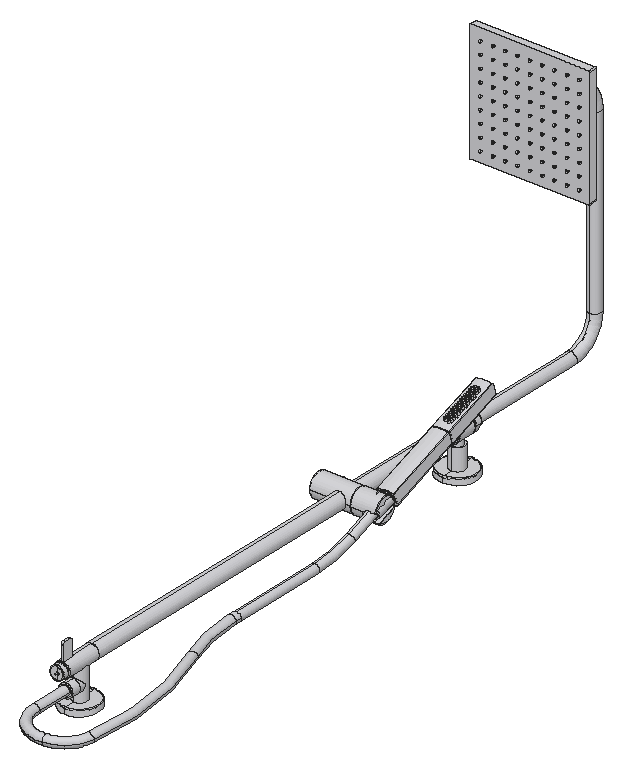
Revit family "Shower-Shower_Column_Kit-KOHLER-ANGULAR-K-76633T_1", category Plumbing Fixtures, host Face, Revit 2017 (continued)
Definition of nested family "K-76633T"
  Automatic sketch dimensions
    curve 284 to plane 9 "2" = 0"
    curve 35 to plane 3 "Center (Left/Right)" = 0"
    plane 1 "Center (Front/Back)" to curve 81 = 0"
    curve 47 to plane 3 "Center (Left/Right)" = 0"
    curve 57 to plane 3 "Center (Left/Right)" = 0"
    curve 80 to plane 15 = 0"
    curve 12 to plane 15 = 0"
    curve 366 to plane 15 = 0"
    curve 14 to plane 4 = 0"
    curve 14 to plane 5 = 0"
    curve 13 to plane 4 = 0"
    curve 13 to plane 5 = 0"
    curve 8 to plane 3 "Center (Left/Right)" = 0"
    curve 82 to plane 3 "Center (Left/Right)" = 0"
    plane 3 "Center (Left/Right)" to curve 120 = 0.05512"
    plane 25 to curve 120 = 0.14764"
    curve 106 to curve 103 = 0.02362"
    curve 121 to plane 3 "Center (Left/Right)" = 0.07874"
    curve 121 to plane 25 = 0.45866"
    curve 92 to plane 24 = 0.30512"
    curve 91 to curve 95 = 0.03937"
    curve 78 to plane 21 = 0.14762"
    curve 75 to curve 74 = 0.02511"
    curve 73 to curve 77 = 0.0315"
    curve 352 to plane 20 = 0.25871"
    curve 70 to plane 20 = 0.20423"
    curve 70 to curve 68 = 0.0315"
    curve 359 to plane 20 = 0.15211"
    plane 27 to curve 360 = 0.03948"
    curve 352 to curve 360 = 0.10698"
    curve 65 to curve 69 = 0.02511"
    curve 359 to plane 23 = 0.25575"
    plane 1 "Center (Front/Back)" to curve 359 = 3.91101"
    curve 136 to curve 358 = 0.05074"
    plane 27 to curve 361 = 0.04717"
    curve 131 to curve 361 = 0.00098"
    curve 138 to plane 23 = 0.23112"
    curve 131 to curve 138 = 0.01002"
    plane 27 to curve 142 = 0.064"
    curve 361 to curve 142 = 0.00905"
    plane 27 to curve 142 = 0.07309"
    curve 139 to curve 142 = 0.08542"
    curve 138 to plane 23 = 0.22203"
    curve 134 to curve 138 = 0.08542"
    plane 9 "2" to curve 347 = 0.11145"
    curve 135 to curve 347 = 0.39593"
    curve 347 to curve 348 = 0"
    curve 347 to curve 345 = 0.09637"
    curve 348 to curve 346 = 0.09637"
    curve 347 to curve 344 = 0.09637"
    curve 344 to curve 325 = 0.08861"
    curve 346 to curve 328 = 0.08861"
    curve 325 to curve 323 = 0.09637"
    curve 328 to curve 327 = 0.09637"
    curve 325 to curve 324 = 0.09637"
    curve 143 to plane 9 "2" = 0.00139"
    curve 324 to curve 143 = 0.07251"
    curve 143 to curve 322 = 0.02436"
    curve 143 to curve 326 = 0.02436"
    curve 322 to curve 341 = 0.08811"
    curve 326 to curve 343 = 0.08811"
    curve 143 to curve 342 = 0.11247"
    curve 343 to curve 321 = 0.08861"
    curve 341 to curve 318 = 0.08861"
    curve 318 to curve 317 = 0.09637"
    curve 318 to curve 316 = 0.09637"
    curve 321 to curve 320 = 0.09637"
    curve 320 to curve 319 = 0.09687"
    curve 316 to curve 315 = 0.09687"
    curve 315 to curve 339 = 0.08811"
    curve 315 to curve 338 = 0.08811"
    curve 319 to curve 340 = 0.08811"
    curve 338 to curve 311 = 0.08861"
    curve 340 to curve 314 = 0.08861"
    curve 311 to curve 309 = 0.09637"
    curve 314 to curve 313 = 0.09637"
    curve 311 to curve 310 = 0.09637"
    curve 309 to curve 308 = 0.09687"
    curve 313 to curve 312 = 0.09687"
    curve 308 to curve 335 = 0.08811"
    curve 308 to curve 336 = 0.08811"
    curve 312 to curve 337 = 0.08811"
    curve 337 to curve 307 = 0.08861"
    curve 335 to curve 304 = 0.08861"
    curve 304 to curve 302 = 0.09637"
    curve 307 to curve 306 = 0.09637"
    curve 304 to curve 303 = 0.09637"
    curve 306 to curve 305 = 0.09687"
    curve 302 to curve 301 = 0.09687"
    curve 305 to curve 334 = 0.08811"
    curve 301 to curve 333 = 0.08811"
    curve 301 to curve 332 = 0.08811"
    curve 332 to curve 297 = 0.08861"
    curve 334 to curve 300 = 0.08861"
    curve 297 to curve 295 = 0.09637"
    curve 297 to curve 296 = 0.09637"
    curve 300 to curve 299 = 0.09637"
    curve 295 to curve 294 = 0.09687"
    curve 299 to curve 298 = 0.09687"
    curve 294 to curve 330 = 0.08811"
    curve 298 to curve 331 = 0.08811"
    curve 294 to curve 329 = 0.08811"
    curve 329 to curve 291 = 0.08861"
    curve 331 to curve 293 = 0.08861"
    curve 291 to curve 289 = 0.09637"
    curve 291 to curve 290 = 0.09637"
    curve 293 to curve 292 = 0.09637"
    curve 289 to curve 285 = 0.08861"
    curve 292 to curve 288 = 0.08861"
    curve 285 to curve 283 = 0.09637"
    curve 288 to curve 287 = 0.09637"
    curve 285 to curve 284 = 0.09637"
    curve 287 to curve 286 = 0.09687"
    curve 283 to curve 282 = 0.09687"
    plane 1 "Center (Front/Back)" to curve 35 = 0.62008"
    curve 35 to curve 39 = 0.02362"
    curve 50 to curve 53 = 0.02362"
    plane 1 "Center (Front/Back)" to curve 129 = 0.39614"
    plane 27 to curve 129 = 0.0455"
    plane 1 "Center (Front/Back)" to curve 129 = 0.39576"
    curve 147 to curve 147 = 0.02758"
    curve 145 to curve 145 = 0.03441"
    curve 145 to curve 130 = 0.02447"
    plane 27 to curve 130 = 0.04099"
    curve 147 to curve 130 = 0.0313"
    curve 144 to curve 358 = 0.01963"
    curve 125 to curve 144 = 0.01261"
    curve 146 to curve 146 = 0.0321"
    curve 53 to plane 1 "Center (Front/Back)" = 0.59636"
    curve 39 to plane 1 "Center (Front/Back)" = 0.59636"
    curve 56 to curve 52 = 0.02362"
    curve 42 to curve 37 = 0.02362"
    curve 37 to curve 47 = 0.0001"
    curve 37 to curve 59 = 0.06324"
    curve 54 to curve 59 = 0"
    curve 45 to curve 43 = 0.02192"
    curve 41 to curve 34 = 0.02362"
    curve 54 to curve 48 = 0.02362"
    curve 43 to curve 43 = 0.42826"
    curve 44 to curve 57 = 0.02227"
    curve 365 to plane 15 = 0.05268"
    curve 20 to plane 3 "Center (Left/Right)" = 0.243"
    plane 15 to curve 20 = 1.29868"
    plane 3 "Center (Left/Right)" to curve 25 = 0.243"
    curve 20 to curve 25 = 0"
    curve 25 to curve 27 = 0.13592"
    curve 20 to curve 21 = 0.02904"
    curve 26 to curve 29 = 0.11141"
    plane 3 "Center (Left/Right)" to curve 23 = 0.37521"
    curve 24 to curve 23 = 0.02933"
    curve 19 to curve 32 = 0.08677"
    curve 6 to plane 3 "Center (Left/Right)" = 0.18881"
    curve 7 to curve 6 = 0.46417"
    curve 352 to plane 27 = 0.03635"
    curve 353 to curve 352 = 0.08371"
    curve 340 to plane 9 "2" = 0.21359"
    curve 299 to plane 9 "2" = 0.21359"
    curve 287 to plane 9 "2" = 0.21359"
    curve 337 to plane 9 "2" = 0.21359"
    curve 346 to plane 9 "2" = 0.21359"
    curve 343 to plane 9 "2" = 0.21359"
    curve 306 to curve 337 = 0"
    curve 334 to curve 306 = 0"
    curve 313 to curve 337 = 0"
    curve 320 to curve 340 = 0"
    curve 331 to curve 299 = 0"
    curve 327 to curve 343 = 0"
    curve 292 to curve 287 = 0"
    curve 307 to plane 9 "2" = 0.11145"
    curve 348 to plane 9 "2" = 0.11145"
    curve 314 to plane 9 "2" = 0.11145"
    curve 300 to plane 9 "2" = 0.11145"
    curve 288 to plane 9 "2" = 0.11145"
    curve 321 to plane 9 "2" = 0.11145"
    curve 293 to plane 9 "2" = 0.11145"
    curve 328 to plane 9 "2" = 0.11145"
    curve 286 to plane 9 "2" = 0.10991"
    curve 305 to plane 9 "2" = 0.10991"
    curve 319 to plane 9 "2" = 0.10991"
    curve 326 to plane 9 "2" = 0.10991"
    curve 298 to plane 9 "2" = 0.10991"
    curve 312 to plane 9 "2" = 0.10991"
    plane 9 "2" to curve 301 = 0.10991"
    plane 9 "2" to curve 294 = 0.10991"
    plane 9 "2" to curve 315 = 0.10991"
    plane 9 "2" to curve 282 = 0.10991"
    plane 9 "2" to curve 308 = 0.10991"
    plane 9 "2" to curve 322 = 0.10991"
    plane 9 "2" to curve 285 = 0.11145"
    plane 9 "2" to curve 325 = 0.11145"
    plane 9 "2" to curve 291 = 0.11145"
    plane 9 "2" to curve 297 = 0.11145"
    plane 9 "2" to curve 304 = 0.11145"
    plane 9 "2" to curve 318 = 0.11145"
    plane 9 "2" to curve 311 = 0.11145"
    curve 311 to curve 338 = 0.10215"
    curve 304 to curve 335 = 0.10215"
    curve 297 to curve 332 = 0.10215"
    curve 291 to curve 329 = 0.10215"
    curve 325 to curve 323 = 0.10215"
    curve 325 to curve 344 = 0.10215"
    curve 285 to curve 283 = 0.10215"
    curve 318 to curve 316 = 0.10215"
    curve 311 to curve 309 = 0.10215"
    curve 304 to curve 302 = 0.10215"
    curve 285 to curve 289 = 0.10215"
    curve 297 to curve 295 = 0.10215"
    curve 318 to curve 341 = 0.10215"
    curve 145 to plane 23 = 0.25721"
    curve 145 to curve 358 = 0.00145"
    curve 124 to curve 130 = 0.00149"
    curve 145 to curve 129 = 0.00741"
    plane 23 to curve 53 = 0.59054"
    curve 48 to curve 56 = 0.02362"
    curve 52 to curve 52 = 0.07482"
    plane 3 "Center (Left/Right)" to curve 97 = 0.49213"
    curve 99 to curve 96 = 0"
    curve 26 to curve 24 = 0.01883"
    curve 99 to curve 101 = 0.14374"
    plane 3 "Center (Left/Right)" to curve 365 = 0.07244"
    curve 364 to plane 3 "Center (Left/Right)" = 0.0749"
    curve 101 to plane 3 "Center (Left/Right)" = 0.34839"
    curve 20 to curve 17 = 0.11168"
    curve 43 to plane 3 "Center (Left/Right)" = 0.36895"
    curve 17 to curve 30 = 0.02054"
    curve 93 to curve 95 = 0.14374"
    curve 92 to curve 94 = 0"
    curve 45 to curve 40 = 0.18224"
    plane 22 to curve 36 = 0.61416"
    curve 37 to curve 41 = 0.07482"
    curve 117 to plane 19 = 0.0315"
    plane 25 to curve 118 = 0.28699"
    curve 118 to curve 89 = 0.02124"
    curve 89 to curve 90 = 0.0541"
    curve 90 to curve 88 = 0.0315"
    curve 96 to plane 25 = 0.10182"
    curve 91 to plane 25 = 0.10182"
    curve 91 to curve 114 = 0.0344"
    curve 96 to curve 115 = 0.0344"
    curve 112 to curve 113 = 0.02062"
    curve 114 to curve 95 = 0.0344"
    curve 115 to curve 100 = 0.0344"
    curve 74 to curve 77 = 0.0315"
    curve 74 to curve 75 = 0"
    plane 21 to curve 78 = 0.0315"
    curve 73 to curve 76 = 0.0315"
    curve 86 to plane 21 = 0.02277"
    curve 351 to curve 351 = 0.13174"
    curve 353 to plane 27 = 0.01394"
    curve 353 to curve 353 = 0.02429"
    curve 353 to curve 353 = 0.00074"
    curve 353 to curve 86 = 0.00308"
    curve 351 to curve 349 = 0.14054"
    curve 349 to curve 355 = 0.00678"
    curve 350 to plane 27 = 0.05959"
    curve 350 to curve 356 = 0.00684"
    curve 349 to curve 357 = 0.00198"
    curve 359 to curve 355 = 0.01002"
    curve 357 to curve 355 = 0.01532"
    curve 350 to plane 20 = 0.09506"
    curve 349 to curve 350 = 0"
    curve 123 to plane 20 = 0.05209"
    curve 357 to plane 9 "2" = 0.01421"
    curve 357 to plane 20 = 0.04843"
    curve 351 to curve 357 = 0"
    curve 354 to plane 20 = 0.00593"
    plane 20 to curve 351 = 0.00967"
    plane 20 to curve 69 = 0.0315"
    curve 70 to curve 65 = 0.0315"
    curve 68 to curve 69 = 0"
    curve 72 to curve 65 = 0"
    curve 83 to plane 22 = 0.02954"
    plane 20 to curve 83 = 0.16306"
    plane 20 to curve 123 = 0.1811"
    curve 356 to plane 5 = 0.41885"
    curve 360 to curve 133 = 0.05134"
    curve 360 to curve 141 = 0.00059"
    curve 141 to curve 141 = 0.00905"
    curve 359 to curve 136 = 0.01002"
    curve 137 to curve 136 = 0.01052"
    curve 360 to curve 141 = 0.01013"
    plane 9 "2" to curve 143 = 0.16241"
    curve 136 to curve 143 = 0.02526"
    curve 141 to curve 143 = 0.02529"
    curve 143 to curve 132 = 0.00041"
    curve 143 to curve 132 = 0.00038"
    curve 139 to curve 139 = 0.00954"
    curve 131 to curve 134 = 0.01052"
    plane 9 "2" to curve 132 = 0.00245"
    curve 143 to curve 132 = 0.11158"
    curve 278 to curve 348 = 0.0528"
    curve 277 to curve 347 = 0.0528"
    curve 347 to curve 277 = 0.00269"
    curve 348 to curve 278 = 0.00269"
    curve 280 to curve 346 = 0.05669"
    curve 272 to curve 344 = 0.05669"
    curve 274 to curve 345 = 0.0525"
    curve 276 to curve 273 = 0.03698"
    curve 281 to curve 346 = 0.00119"
    curve 345 to curve 274 = 0.00299"
    curve 266 to curve 325 = 0.0528"
    curve 268 to curve 328 = 0.0528"
    curve 274 to curve 267 = 0.03282"
    curve 328 to curve 269 = 0.00269"
    curve 262 to curve 327 = 0.05669"
    curve 265 to curve 323 = 0.05669"
    curve 261 to curve 324 = 0.0525"
    plane 9 "2" to curve 137 = 0.00245"
    curve 261 to curve 137 = 0.01385"
    curve 264 to curve 323 = 0.00119"
    curve 262 to curve 327 = 0.00119"
    curve 324 to curve 261 = 0.00299"
    plane 9 "2" to curve 133 = 0.00245"
    curve 260 to curve 133 = 0.0091"
    curve 131 to curve 133 = 0"  (x2)
    curve 264 to curve 270 = 0.03701"
    curve 260 to curve 258 = 0.03282"
    curve 270 to curve 322 = 0.00556"
    curve 262 to curve 259 = 0.03701"
    curve 256 to curve 341 = 0.05669"
    curve 254 to curve 343 = 0.05669"
    curve 252 to curve 342 = 0.0525"
    curve 270 to curve 256 = 0.03698"
    curve 254 to curve 343 = 0.00119"
    curve 342 to curve 252 = 0.00299"
    curve 249 to curve 321 = 0.0528"
    curve 247 to curve 318 = 0.0528"
    curve 318 to curve 247 = 0.00269"
    curve 321 to curve 248 = 0.00269"
    curve 242 to curve 320 = 0.05669"
    curve 244 to curve 316 = 0.05669"
    curve 240 to curve 317 = 0.0525"
    curve 242 to curve 320 = 0.00119"
    curve 247 to curve 244 = 0.03698"
    curve 317 to curve 241 = 0.00299"
    curve 244 to curve 250 = 0.03701"
    curve 240 to curve 239 = 0.03282"
    curve 243 to curve 239 = 0.03701"
    curve 240 to curve 251 = 0.03282"
    curve 235 to curve 340 = 0.05669"
    curve 237 to curve 338 = 0.05669"
    curve 233 to curve 339 = 0.0525"
    curve 250 to curve 237 = 0.03698"
    curve 235 to curve 340 = 0.00119"
    curve 339 to curve 233 = 0.00299"
    curve 229 to curve 314 = 0.0528"
    curve 226 to curve 311 = 0.0528"
    curve 314 to curve 228 = 0.00269"
    curve 311 to curve 227 = 0.00269"
    curve 224 to curve 309 = 0.05669"
    curve 223 to curve 313 = 0.05669"
    curve 221 to curve 310 = 0.0525"
    curve 222 to curve 313 = 0.00119"
    curve 224 to curve 309 = 0.00119"
    curve 310 to curve 221 = 0.00299"
    curve 224 to curve 231 = 0.03701"
    curve 221 to curve 219 = 0.03282"
    curve 219 to curve 312 = 0.00556"
    curve 221 to curve 231 = 0.03282"
    curve 217 to curve 335 = 0.05669"
    curve 215 to curve 337 = 0.05669"
    curve 213 to curve 336 = 0.0525"
    curve 214 to curve 337 = 0.00119"
    curve 230 to curve 216 = 0.03698"
    curve 336 to curve 212 = 0.00299"
    curve 208 to curve 307 = 0.0528"
    curve 206 to curve 304 = 0.0528"
    curve 307 to curve 208 = 0.00269"
    curve 304 to curve 206 = 0.00269"
    curve 203 to curve 306 = 0.05669"
    curve 205 to curve 302 = 0.05669"
    curve 201 to curve 303 = 0.0525"
    curve 202 to curve 306 = 0.00119"
    curve 204 to curve 302 = 0.00119"
    curve 303 to curve 200 = 0.00299"
    curve 204 to curve 211 = 0.03701"
    curve 200 to curve 199 = 0.03282"
    curve 211 to curve 301 = 0.00556"
    curve 202 to curve 199 = 0.03701"
    curve 196 to curve 332 = 0.05669"
    curve 194 to curve 334 = 0.05669"
    curve 193 to curve 333 = 0.0525"
    curve 195 to curve 334 = 0.00119"
    curve 210 to curve 197 = 0.03698"
    curve 333 to curve 193 = 0.00299"
    curve 188 to curve 300 = 0.0528"
    curve 186 to curve 297 = 0.0528"
    curve 192 to curve 187 = 0.03282"
    curve 300 to curve 189 = 0.00269"
    curve 185 to curve 295 = 0.05669"
    curve 182 to curve 299 = 0.05669"
    curve 180 to curve 296 = 0.0525"
    curve 183 to curve 299 = 0.00119"
    curve 185 to curve 295 = 0.00119"
    curve 296 to curve 181 = 0.00299"
    curve 180 to curve 179 = 0.03282"
    curve 184 to curve 190 = 0.03701"
    curve 179 to curve 298 = 0.00556"
    curve 180 to curve 191 = 0.03282"
    curve 175 to curve 331 = 0.05669"
    curve 176 to curve 329 = 0.05669"
    curve 173 to curve 330 = 0.0525"
    curve 175 to curve 331 = 0.00119"
    curve 177 to curve 329 = 0.00119"
    curve 330 to curve 173 = 0.00299"
    curve 169 to curve 293 = 0.0528"
    curve 166 to curve 291 = 0.0528"
    curve 293 to curve 169 = 0.00269"
    curve 172 to curve 166 = 0.03282"
    curve 162 to curve 292 = 0.05669"
    curve 165 to curve 289 = 0.05669"
    curve 161 to curve 290 = 0.0525"
    curve 167 to curve 164 = 0.03698"
    curve 162 to curve 292 = 0.00119"
    curve 290 to curve 160 = 0.00299"
    curve 170 to curve 285 = 0.0528"
    curve 159 to curve 288 = 0.0528"
    curve 288 to curve 158 = 0.00269"
    curve 160 to curve 170 = 0.03282"
    curve 62 to curve 62 = 0.51742"
    curve 63 to curve 63 = 0.51742"
    curve 156 to curve 283 = 0.05669"
    curve 154 to curve 287 = 0.05669"
    curve 151 to curve 284 = 0.0525"
    curve 62 to curve 81 = 0.0344"
    curve 63 to curve 82 = 0.0344"
    curve 157 to curve 283 = 0.00119"
    curve 154 to curve 287 = 0.00119"
    curve 284 to curve 150 = 0.00299"
    curve 149 to curve 282 = 0.05675"
    curve 153 to curve 286 = 0.05675"
    curve 148 to curve 282 = 0.00126"
    curve 152 to curve 286 = 0.00126"
    curve 145 to curve 145 = 0.00133"
    curve 127 to curve 146 = 0.01247"
    curve 127 to curve 361 = 0.00126"
    curve 126 to curve 144 = 0.00258"
    curve 127 to curve 146 = 0.00245"
    curve 125 to curve 144 = 0.00209"
    plane 27 to curve 127 = 0.00109"
    curve 124 to curve 127 = 0.01051"
    curve 144 to curve 126 = 0.13358"
    plane 1 "Center (Front/Back)" to curve 128 = 0.17144"
    plane 1 "Center (Front/Back)" to curve 126 = 0.04012"
    plane 1 "Center (Front/Back)" to curve 128 = 0.04001"
    plane 9 "2" to curve 124 = 0.00245"
    curve 124 to plane 1 "Center (Front/Back)" = 0.46718"
    curve 45 to curve 45 = 0.00039"
    curve 43 to curve 45 = 0.03156"
    curve 82 to curve 57 = 0.13733"
    curve 81 to curve 46 = 0.13733"
    curve 81 to curve 34 = 0.03717"
    curve 82 to curve 48 = 0.03717"
    curve 44 to curve 44 = 0.03085"
    curve 44 to curve 44 = 0.00049"
    curve 44 to curve 60 = 0.03642"
    curve 61 to curve 61 = 0.08196"
    plane 15 to curve 14 = 0.05906"
    curve 14 to curve 13 = 0.3937"
    plane 15 to curve 11 = 0.51181"
    curve 13 to curve 80 = 0.05906"
    curve 13 to curve 79 = 0.05906"
    curve 11 to curve 10 = 0.01969"
    curve 16 to curve 21 = 0.16916"
    curve 9 to curve 27 = 0.10389"
    curve 20 to curve 20 = 0.02984"
    curve 25 to curve 27 = 0.02984"
    curve 18 to plane 3 "Center (Left/Right)" = 0.41436"
    curve 18 to curve 18 = 0.01425"
    plane 3 "Center (Left/Right)" to curve 23 = 0.41436"
    curve 24 to curve 23 = 0.01425"
    curve 33 to curve 8 = 0.0296"
    curve 31 to curve 32 = 0.0296"
    curve 5 to curve 2 = 0.31496"
    curve 3 to curve 1 = 0.10868"
    plane 3 "Center (Left/Right)" to curve 15 = 0.3937"
    curve 1 to curve 15 = 1.25419"
    curve 135 to curve 137 = 5.83014"
    curve 354 to curve 135 = 0"  (x2)
    curve 126 to curve 135 = 0"
    plane 5 to curve 80 = 0.23587"
    curve 80 to curve 12 = 0.07909"
    plane 27 to curve 128 = 0.06462"
    curve 146 to curve 127 = 0.00904"
    curve 139 to curve 139 = 0.00003"
    curve 140 to curve 141 = 0.01683"
    curve 361 to curve 124 = 0.00769"
    curve 360 to curve 141 = 0.00694"
    curve 86 to plane 27 = 0.01384"
    curve 353 to curve 353 = 0"
    curve 86 to curve 85 = 0.02361"
    curve 85 to curve 87 = 0.1398"
    curve 155 to curve 287 = 0.0575"
    curve 215 to curve 337 = 0.0575"
    curve 154 to curve 155 = 0"
    curve 174 to curve 331 = 0.0575"
    curve 203 to curve 306 = 0.0575"
    curve 195 to curve 334 = 0.0575"
    curve 242 to curve 320 = 0.0575"
    curve 262 to curve 327 = 0.0575"
    curve 194 to curve 195 = 0"
    curve 255 to curve 343 = 0.0575"
    curve 222 to curve 313 = 0.0575"
    curve 223 to curve 222 = 0"
    curve 234 to curve 340 = 0.0575"
    curve 183 to curve 299 = 0.0575"
    curve 235 to curve 234 = 0"
    curve 214 to curve 215 = 0"
    curve 281 to curve 346 = 0.0575"
    curve 162 to curve 292 = 0.0575"
    curve 163 to curve 162 = 0"
    curve 243 to curve 242 = 0"
    curve 182 to curve 183 = 0"
    curve 280 to curve 281 = 0"
    curve 175 to curve 174 = 0"
    curve 202 to curve 203 = 0"
    curve 263 to curve 262 = 0"
    curve 254 to curve 255 = 0"
    curve 287 to curve 154 = 0.00155"
    curve 313 to curve 222 = 0.00155"
    curve 340 to curve 235 = 0.00155"
    curve 292 to curve 162 = 0.00155"
    curve 337 to curve 215 = 0.00155"
    curve 320 to curve 242 = 0.00155"
    curve 331 to curve 174 = 0.00155"
    curve 306 to curve 203 = 0.00155"
    curve 343 to curve 254 = 0.00155"
    curve 346 to curve 280 = 0.00155"
    curve 334 to curve 195 = 0.00155"
    curve 327 to curve 262 = 0.00155"
    curve 299 to curve 182 = 0.00155"
    curve 254 to curve 259 = 0.04396"
    curve 188 to curve 300 = 0.05664"
    curve 258 to curve 259 = 0"
    curve 279 to curve 348 = 0.05664"
    curve 269 to curve 328 = 0.05664"
    curve 249 to curve 321 = 0.05664"
    curve 248 to curve 249 = 0"
    curve 169 to curve 293 = 0.05664"
    curve 268 to curve 269 = 0"
    curve 189 to curve 188 = 0"
    curve 235 to curve 239 = 0.04396"
    curve 238 to curve 239 = 0"
    curve 229 to curve 314 = 0.05664"
    curve 278 to curve 279 = 0"
    curve 174 to curve 179 = 0.04396"
    curve 194 to curve 199 = 0.04396"
    curve 228 to curve 229 = 0"
    curve 152 to curve 286 = 0.05817"
    curve 178 to curve 179 = 0"
    curve 153 to curve 152 = 0"
    curve 168 to curve 169 = 0"
    curve 209 to curve 307 = 0.05664"
    curve 198 to curve 199 = 0"
    curve 214 to curve 219 = 0.04396"
    curve 218 to curve 219 = 0"
    curve 158 to curve 288 = 0.05664"
    curve 159 to curve 158 = 0"
    curve 208 to curve 209 = 0"
    curve 293 to curve 169 = 0.00242"
    curve 348 to curve 278 = 0.00242"
    curve 305 to curve 199 = 0.00088"
    curve 328 to curve 268 = 0.00242"
    curve 307 to curve 208 = 0.00242"
    curve 298 to curve 178 = 0.00088"
    curve 312 to curve 218 = 0.00088"
    curve 288 to curve 159 = 0.00242"
    curve 286 to curve 153 = 0.00088"
    curve 314 to curve 228 = 0.00242"
    curve 300 to curve 189 = 0.00242"
    curve 319 to curve 238 = 0.00088"
    curve 321 to curve 248 = 0.00242"
    curve 326 to curve 258 = 0.00088"
    curve 253 to plane 9 "2" = 0.05906"
    curve 172 to plane 9 "2" = 0.05906"
    curve 173 to curve 172 = 0"
    curve 180 to plane 9 "2" = 0.05906"
    curve 161 to plane 9 "2" = 0.05906"
    curve 160 to curve 161 = 0"
    curve 275 to plane 9 "2" = 0.05906"
    curve 274 to curve 275 = 0"
    curve 181 to curve 180 = 0"
    curve 232 to plane 9 "2" = 0.05906"
    curve 221 to plane 9 "2" = 0.05906"
    curve 192 to plane 9 "2" = 0.05906"
    curve 193 to curve 192 = 0"
    curve 200 to plane 9 "2" = 0.05906"
    curve 151 to plane 9 "2" = 0.05906"
    curve 220 to curve 221 = 0"
    curve 150 to curve 151 = 0"
    curve 201 to curve 200 = 0"
    curve 241 to plane 9 "2" = 0.05906"
    curve 233 to curve 232 = 0"
    curve 240 to curve 241 = 0"
    curve 212 to plane 9 "2" = 0.05906"
    curve 260 to plane 9 "2" = 0.05906"
    curve 213 to curve 212 = 0"
    curve 261 to curve 260 = 0"
    curve 252 to curve 253 = 0"
    plane 9 "2" to curve 207 = 0.04997"
    plane 9 "2" to curve 191 = 0.04997"
    plane 9 "2" to curve 166 = 0.04997"
    curve 190 to curve 191 = 0"
    plane 9 "2" to curve 170 = 0.04997"
    plane 9 "2" to curve 187 = 0.04997"
    curve 186 to curve 187 = 0"
    plane 9 "2" to curve 247 = 0.04997"
    curve 171 to curve 170 = 0"
    plane 9 "2" to curve 210 = 0.04997"
    curve 206 to curve 207 = 0"
    plane 9 "2" to curve 270 = 0.04997"
    plane 9 "2" to curve 226 = 0.04997"
    curve 167 to curve 166 = 0"
    plane 9 "2" to curve 230 = 0.04997"
    plane 9 "2" to curve 149 = 0.04997"
    curve 271 to curve 270 = 0"
    curve 231 to curve 230 = 0"
    curve 227 to curve 226 = 0"
    plane 9 "2" to curve 267 = 0.04997"
    plane 9 "2" to curve 276 = 0.04997"
    curve 148 to curve 149 = 0"
    plane 9 "2" to curve 251 = 0.04997"
    curve 277 to curve 276 = 0"
    curve 246 to curve 247 = 0"
    curve 266 to curve 267 = 0"
    curve 250 to curve 251 = 0"
    curve 211 to curve 210 = 0"
    curve 227 to curve 311 = 0.00242"
    curve 267 to curve 325 = 0.00242"
    curve 250 to curve 315 = 0.00088"
    curve 277 to curve 347 = 0.00242"
    curve 231 to curve 308 = 0.00088"
    curve 270 to curve 322 = 0.00088"
    curve 247 to curve 318 = 0.00242"
    curve 166 to curve 291 = 0.00242"
    curve 211 to curve 301 = 0.00088"
    curve 171 to curve 285 = 0.00242"
    curve 186 to curve 297 = 0.00242"
    curve 207 to curve 304 = 0.00242"
    curve 190 to curve 294 = 0.00088"
    curve 148 to curve 282 = 0.00088"
    curve 230 to curve 216 = 0.04396"
    curve 210 to curve 196 = 0.04396"
    curve 170 to curve 157 = 0.04396"
    curve 217 to curve 216 = 0"
    curve 267 to curve 265 = 0.04396"
    curve 247 to curve 244 = 0.04396"
    curve 264 to curve 265 = 0"
    curve 190 to curve 177 = 0.04396"
    curve 245 to curve 244 = 0"
    curve 250 to curve 236 = 0.04396"
    curve 176 to curve 177 = 0"
    curve 167 to curve 164 = 0.04396"
    curve 270 to curve 256 = 0.04396"
    curve 165 to curve 164 = 0"
    curve 207 to curve 204 = 0.04396"
    curve 227 to curve 224 = 0.04396"
    curve 187 to curve 184 = 0.04396"
    curve 185 to curve 184 = 0"
    curve 205 to curve 204 = 0"
    curve 237 to curve 236 = 0"
    curve 257 to curve 256 = 0"
    curve 156 to curve 157 = 0"
    curve 276 to curve 272 = 0.04396"
    curve 197 to curve 196 = 0"
    curve 273 to curve 272 = 0"
    curve 225 to curve 224 = 0"
    curve 156 to curve 283 = 0.00155"
    curve 273 to curve 344 = 0.00155"
    curve 256 to curve 341 = 0.00155"
    curve 205 to curve 302 = 0.00155"
    curve 237 to curve 338 = 0.00155"
    curve 185 to curve 295 = 0.00155"
    curve 264 to curve 323 = 0.00155"
    curve 244 to curve 316 = 0.00155"
    curve 196 to curve 332 = 0.00155"
    curve 216 to curve 335 = 0.00155"
    curve 177 to curve 329 = 0.00155"
    curve 164 to curve 289 = 0.00155"
    curve 224 to curve 309 = 0.00155"
    curve 87 to plane 23 = 0.35258"
    curve 136 to curve 137 = 0.03832"
    curve 357 to curve 355 = 0.02963"
    curve 136 to curve 137 = 0.00683"
    curve 355 to curve 356 = 0.00683"
    curve 134 to curve 131 = 0.00683"
    curve 125 to curve 144 = 0.00832"
    curve 126 to curve 144 = 0.00909"
    curve 126 to curve 144 = 0.00845"
    plane 23 to curve 11 = 0.3444"
    plane 23 to curve 67 = 0.37016"
    curve 67 to curve 66 = 0.04323"
    curve 11 to curve 10 = 0.10836"
    curve 16 to curve 25 = 0.31803"
    curve 48 to curve 57 = 0.02362"
    curve 58 to curve 52 = 0"
    curve 59 to curve 51 = 0.01569"
    curve 66 to curve 73 = 0.30315"
    curve 76 to curve 73 = 0"
    curve 66 to curve 70 = 0.30315"
    curve 65 to curve 70 = 0"
    curve 73 to curve 78 = 0.0315"
    curve 65 to curve 72 = 0.0315"
    curve 2 to curve 5 = 0.28363"
    curve 362 to curve 23 = 0.05808"
    curve 9 to curve 25 = 0.07709"
    curve 362 to curve 33 = 0.02072"
    curve 96 to curve 118 = 0.04921"
    curve 117 to curve 118 = 0"
    curve 118 to curve 88 = 0.01274"
    curve 90 to curve 88 = 0"
    curve 118 to curve 89 = 0.0209"
    curve 2 to curve 1 = 0.07874"
    curve 57 to curve 61 = 0.2323"
    curve 1 to curve 4 = 0.02954"
    curve 117 to curve 116 = 0.14764"
    curve 8 to curve 33 = 0.079"
    curve 116 to plane 3 "Center (Left/Right)" = 0.29528"
    curve 3 to plane 3 "Center (Left/Right)" = 0.36416"
    curve 45 to curve 45 = 0.02102"
    curve 43 to curve 44 = 0.02111"
    curve 15 to plane 3 "Center (Left/Right)" = 0.3937"
    curve 3 to curve 1 = 0.02954"
    curve 44 to curve 60 = 0.00018"
    curve 104 to curve 89 = 0.34328"
    curve 89 to curve 90 = 0.00816"
    curve 88 to curve 90 = 0"
    curve 20 to curve 9 = 0.04397"
    curve 116 to curve 117 = 0.14764"
    curve 89 to curve 118 = 0.0209"
    curve 18 to curve 31 = 0.03736"
    curve 31 to curve 32 = 0.02072"
    curve 3 to curve 2 = 0.10828"
    curve 69 to plane 3 "Center (Left/Right)" = 0.49213"
    curve 75 to plane 3 "Center (Left/Right)" = 0.49213"
    curve 69 to curve 68 = 0.0315"
    curve 71 to curve 68 = 0"
    curve 75 to curve 74 = 0.0315"
    curve 77 to curve 74 = 0"
    curve 47 to curve 38 = 0"
    curve 46 to curve 34 = 0.02362"
    curve 68 to curve 83 = 0.16279"
    curve 9 to curve 16 = 0.27406"
    curve 83 to curve 64 = 0.04194"
    plane 22 to curve 10 = 0.45276"
    curve 10 to curve 11 = 0.08849"
    plane 22 to curve 123 = 0.2666"
    plane 22 to curve 123 = 0.20846"
    curve 64 to plane 22 = 0.06914"
    plane 26 to curve 84 = 0.02362"
    curve 79 to plane 4 = 0.23587"
    curve 12 to plane 4 = 0.07874"
    plane 4 to curve 140 = 2.23339"
    plane 4 to curve 128 = 2.23339"
    plane 4 to Masking region 2 sketch curve = 0"
    Masking region 2 sketch curve to plane 14 = 0"  (x2)
    Masking region 2 sketch curve to plane 13 = 0"
    Masking region 2 sketch curve to plane 26 = 0"
    Masking region 2 sketch curve to level = 0"
    plane 5 to Masking region 2 sketch curve = 0"
    Masking region 2 sketch curve to plane 18 "4" = 0"
    Masking region 2 sketch curve to plane 11 "1" = 0"
    Masking region 2 sketch curve to plane 4 = 0.07874"
    Masking region 2 sketch curve to Masking region 2 sketch curve = 0.07874"  (x2)
    plane 26 to Masking region 2 sketch curve = 0.02362"  (x2)
    plane 22 to Masking region 2 sketch curve = 0.00077"
    plane 22 to Masking region 2 sketch curve = 0.00969"
    Masking region 2 sketch curve to Masking region 2 sketch curve = 0.02362"  (x2)
    plane 22 to Masking region 2 sketch curve = 0.11253"
    Masking region 2 sketch curve to plane 3 "Center (Left/Right)" = 0.49213"
    Masking region 2 sketch curve to Masking region 2 sketch curve = 0.03139"  (x2)
    Masking region 2 sketch curve to plane 3 "Center (Left/Right)" = 0.3937"
    plane 3 "Center (Left/Right)" to Masking region 2 sketch curve = 0.3937"
    plane 3 "Center (Left/Right)" to Masking region 2 sketch curve = 0.46074"
    plane 3 "Center (Left/Right)" to Masking region 2 sketch curve = 0.49213"
    plane 23 to Masking region 2 sketch curve = 0.41339"
    Masking region 2 sketch curve to Masking region 2 sketch curve = 0.36603"
    Masking region 2 sketch curve to Masking region 2 sketch curve = 0.04323"  (x2)
    plane 23 to Masking region 2 sketch curve = 0.0333"
    plane 23 to Masking region 2 sketch curve = 0.00969"
    Masking region 2 sketch curve to plane 23 = 0.22203"
    plane 9 "2" to Masking region 2 sketch curve = 0.29528"
    Masking region 2 sketch curve to plane 27 = 0.17724"
    Masking region 2 sketch curve to plane 27 = 0.03853"
    Masking region 2 sketch curve to plane 27 = 0.01332"
    plane 27 to Masking region 2 sketch curve = 0.03962"
    plane 27 to Masking region 2 sketch curve = 0.07309"
    plane 5 to Masking region 2 sketch curve = 0.07874"
    Masking region 2 sketch curve to plane 5 = 0.27516"
    level to Masking region 2 sketch curve = 0.37008"  (x2)
    Masking region 2 sketch curve to Masking region 2 sketch curve = 0.00057"  (x2)
    Masking region 2 sketch curve to plane 18 "4" = 0.29528"
    plane 18 "4" to Masking region 2 sketch curve = 0.29528"
    Masking region 2 sketch curve to Masking region 2 sketch curve = 0.11811"
    plane 18 "4" to Masking region 2 sketch curve = 0.41339"
    Masking region 2 sketch curve to Masking region 2 sketch curve = 0.1378"
    Masking region 2 sketch curve to Masking region 2 sketch curve = 0.25591"  (x2)
    plane 18 "4" to Masking region 2 sketch curve = 0.55118"
    Masking region 2 sketch curve to Masking region 2 sketch curve = 0.10712"  (x3)
    Masking region 2 sketch curve to plane 11 "1" = 0.43708"
    Masking region 2 sketch curve to plane 11 "1" = 0.1272"
    Masking region 2 sketch curve to Masking region 2 sketch curve = 0.00865"
    plane 11 "1" to Masking region 2 sketch curve = 0.27024"
    plane 11 "1" to Masking region 2 sketch curve = 0.68028"
    plane 11 "1" to Masking region 2 sketch curve = 0.76378"
    Masking region 2 sketch curve to Masking region 2 sketch curve = 2.41532"
    Masking region 2 sketch curve to Masking region 2 sketch curve = 0"
    plane 4 to Masking region 2 sketch curve = 2.23339"  (x2)
    Masking region 2 sketch curve to plane 3 "Center (Left/Right)" = 0.34516"
    plane 23 to Masking region 2 sketch curve = 0.00077"
    Masking region 2 sketch curve to plane 23 = 0.23108"
    Masking region 2 sketch curve to Masking region 2 sketch curve = 0.00003"  (x3)
    Masking region 2 sketch curve to Masking region 2 sketch curve = 0.02464"
    Masking region 2 sketch curve to Masking region 2 sketch curve = 0.00683"
    plane 9 "2" to Masking region 2 sketch curve = 0.00245"
    plane 27 to Masking region 2 sketch curve = 0.03254"
    Masking region 2 sketch curve to Masking region 2 sketch curve = 0.00647"
    Masking region 2 sketch curve to Masking region 2 sketch curve = 0.01463"
    Masking region 2 sketch curve to Masking region 2 sketch curve = 0.01683"
    Masking region 2 sketch curve to Masking region 2 sketch curve = 0.03147"
    Masking region 2 sketch curve to plane 5 = 6.24899"
    Masking region 2 sketch curve to Masking region 2 sketch curve = 0.02766"
    Masking region 2 sketch curve to Masking region 2 sketch curve = 0.6607"
    Masking region 2 sketch curve to Masking region 2 sketch curve = 0.37274"  (x2)
    Masking region 2 sketch curve to Masking region 2 sketch curve = 0.00135"
    curve 367 to curve 368 = 0"
    curve 367 to curve 369 = 0"  (x2)
    curve 367 to curve 370 = 0"  (x2)
    curve 367 to curve 372 = 0"
    curve 368 to curve 373 = 0"
    curve 372 to curve 375 = 0"
    curve 373 to curve 375 = 0"
    curve 374 to curve 375 = 0"
    curve 389 to curve 390 = 0"
    curve 389 to curve 405 = 0"
    curve 390 to curve 405 = 0"
    curve 391 to plane 11 "1" = 0"  (x2)
    curve 400 to plane 11 "1" = 0"
    curve 432 to plane 11 "1" = 0"
    curve 375 to plane 12 = 0"
    curve 396 to plane 11 "1" = 0"
    curve 376 to plane 14 = 0"
    curve 369 to plane 3 "Center (Left/Right)" = 0"
    curve 405 to plane 3 "Center (Left/Right)" = 0"
    curve 381 to plane 14 = 0"
    curve 407 to plane 18 "4" = 0"
    plane 9 "2" to curve 436 = 0"
    plane 9 "2" to curve 408 = 0"
    curve 376 to curve 367 = 0.3937"
    curve 396 to curve 389 = 0.3937"
    plane 22 to curve 443 = 0.27996"
    plane 22 to curve 432 = 0.27361"
    curve 392 to curve 432 = 0.00712"
    curve 400 to curve 391 = 0.08233"
    plane 26 to curve 431 = 0.02362"
    curve 379 to plane 13 = 0.0315"
    curve 379 to plane 4 = 0.07874"
    curve 386 to plane 14 = 0.0315"
    curve 386 to plane 4 = 0.07874"
    curve 383 to plane 4 = 0.0315"
    curve 437 to plane 23 = 0.22203"
    curve 428 to plane 23 = 0.24019"
    curve 441 to curve 441 = 0.00438"
    curve 441 to curve 429 = 0.00632"
    curve 440 to curve 440 = 0.00704"
    curve 407 to curve 408 = 0.29528"
    curve 435 to plane 9 "2" = 0.00077"
    plane 27 to curve 438 = 0.03716"
    curve 438 to curve 429 = 0.00703"
    curve 429 to curve 439 = 0.00614"
    curve 439 to curve 428 = 0.00452"
    plane 27 to curve 442 = 0.37463"
    curve 382 to plane 14 = 0.0315"
    plane 5 to curve 382 = 0.07874"
    plane 5 to curve 378 = 0.07874"
    plane 5 to curve 377 = 0.0315"
    plane 18 "4" to curve 399 = 0.55118"
    curve 392 to plane 11 "1" = 0.00897"
    plane 11 "1" to curve 391 = 0.00897"
    plane 11 "1" to curve 435 = 0.22974"
    plane 11 "1" to curve 437 = 0.27024"
    curve 391 to curve 443 = 1.42956"
    plane 11 "1" to curve 442 = 1.53763"
    curve 442 to curve 428 = 1.19905"
    curve 428 to curve 428 = 0.00033"
    curve 441 to curve 441 = 0.02213"
    curve 428 to curve 439 = 0.02292"
    curve 439 to curve 429 = 0.03116"
    curve 441 to curve 429 = 0.03195"
    curve 438 to curve 438 = 0.03565"
    curve 440 to curve 440 = 0.03559"
    curve 431 to plane 3 "Center (Left/Right)" = 0.31487"
    curve 420 to plane 3 "Center (Left/Right)" = 0.48242"
    curve 417 to curve 420 = 0"
    curve 423 to plane 3 "Center (Left/Right)" = 0.48242"
    curve 401 to curve 394 = 0.17726"
    curve 402 to plane 3 "Center (Left/Right)" = 0.54003"
    plane 11 "1" to curve 387 = 0.02469"
    curve 387 to curve 389 = 0.25545"
    curve 392 to curve 387 = 0.03287"
    plane 22 to curve 400 = 0.24354"
    plane 22 to curve 403 = 0.00969"
    plane 4 to curve 425 = 2.23339"
    plane 11 "1" to curve 425 = 3.20272"
    curve 425 to curve 425 = 8.72381"
    plane 3 "Center (Left/Right)" to curve 418 = 0.1545"
    plane 3 "Center (Left/Right)" to curve 393 = 0.31487"
    curve 393 to curve 388 = 0.05615"
    curve 393 to curve 401 = 0.17726"
    plane 3 "Center (Left/Right)" to curve 402 = 0.49213"
    curve 401 to curve 404 = 0"
    curve 388 to plane 11 "1" = 0.0272"
    plane 23 to curve 398 = 0.41339"
    curve 398 to curve 430 = 0"
    curve 398 to curve 397 = 0.04323"
    plane 23 to curve 403 = 0.00969"
    curve 427 to plane 23 = 0.22203"
    curve 440 to curve 440 = 0.03589"
    curve 441 to curve 441 = 0.02253"
    curve 443 to plane 23 = 0.22203"
    curve 440 to curve 426 = 0.00842"
    curve 443 to curve 421 = 0.00842"
    curve 421 to curve 421 = 0.00003"
    curve 426 to curve 426 = 0.00003"
    curve 411 to plane 11 "1" = 0.09057"
    curve 437 to curve 411 = 0.00845"
    curve 427 to plane 23 = 0.23112"
    curve 421 to curve 422 = 0.00154"
    curve 411 to curve 412 = 0.02498"
    curve 426 to curve 440 = 0.00246"
    curve 422 to curve 421 = 3/128"
    curve 420 to curve 422 = 0"
    curve 411 to curve 411 = 0.00649"
    curve 421 to curve 421 = 0.00649"
    curve 440 to curve 426 = 0.00403"
    curve 421 to curve 422 = 0.00649"
    curve 437 to curve 436 = 0.06355"
    curve 422 to curve 422 = 0.0315"
    curve 411 to curve 411 = 0.0315"
    curve 422 to curve 420 = 0.14703"
    curve 411 to curve 436 = 0.168"
    curve 409 to curve 407 = 0"
    plane 9 "2" to curve 419 = 0.16714"
    plane 9 "2" to curve 435 = 0.13577"
    plane 9 "2" to curve 413 = 0.01755"
    curve 419 to plane 9 "2" = 0.00079"
    curve 417 to plane 9 "2" = 0.00079"
    curve 416 to plane 9 "2" = 0.00079"
    curve 412 to plane 9 "2" = 0.00079"
    curve 423 to plane 9 "2" = 0.00079"
    curve 420 to curve 417 = 0"
    curve 436 to plane 9 "2" = 0.01755"
    curve 418 to plane 9 "2" = 43/256"
    curve 409 to plane 27 = 0.17724"
    curve 413 to plane 27 = 0.16659"
    curve 417 to plane 27 = 0.13112"
    curve 417 to curve 418 = 0"
    curve 433 to plane 27 = 0.03853"
    curve 434 to plane 27 = 0.015"
    plane 27 to curve 424 = 0.00166"
    plane 27 to curve 415 = 0.00166"
    plane 27 to curve 413 = 0.00953"
    curve 424 to curve 438 = 0.00401"
    curve 415 to curve 415 = 0.0315"
    curve 415 to curve 414 = 0"
    curve 414 to curve 416 = 0.00647"
    curve 414 to curve 417 = 0.00647"
    curve 438 to curve 423 = 0.00246"
    plane 27 to curve 412 = 0.03962"
    curve 415 to curve 414 = 0.02346"
    plane 27 to curve 425 = 0.06405"
    curve 438 to curve 424 = 0.02746"
    curve 414 to curve 415 = 0.00154"
    curve 414 to curve 414 = 0.00157"
    curve 424 to curve 438 = 0.00847"
    curve 439 to curve 439 = 0.02276"
    curve 442 to curve 442 = 0.00847"
    curve 380 to curve 381 = 0"
    plane 5 to curve 419 = 0.073"
    curve 412 to plane 5 = 0.56259"
    curve 416 to plane 5 = 0.56259"
    curve 412 to curve 410 = 5.68639"
    curve 427 to curve 410 = 0"
    curve 404 to plane 18 "4" = 0.29528"
    level to curve 402 = 0.3937"
    level to curve 403 = 0.37065"
    curve 408 to curve 406 = 0.29528"
    plane 18 "4" to curve 404 = 0.29528"
    plane 18 "4" to curve 407 = 0.29528"
    curve 401 to curve 431 = 0.1378"
    curve 406 to curve 409 = 0.25591"
    curve 433 to curve 409 = 0"
    curve 393 to curve 430 = 0.1378"
    curve 433 to curve 434 = 0.02147"
    curve 430 to curve 397 = 0.10712"
    curve 398 to curve 397 = 0"
    curve 413 to plane 11 "1" = 0.26589"
    curve 413 to curve 435 = 0.10101"
    curve 435 to curve 413 = 0.01411"
    curve 433 to curve 434 = 0.0048"
    curve 387 to curve 405 = 0.0271"
    curve 405 to curve 398 = 0.16356"
    curve 397 to curve 398 = 0"
    plane 11 "1" to curve 399 = 0.7874"
    curve 405 to curve 395 = 0.27067"
    curve 410 to curve 437 = 0.51716"
    curve 405 to curve 396 = 0.27067"
    curve 419 to curve 412 = 0.68963"
    curve 418 to curve 419 = 0.01228"
    curve 419 to curve 418 = 0.01372"
    curve 418 to curve 417 = 0.00017"
    curve 418 to curve 414 = 0.00957"
    curve 419 to curve 422 = 0.01132"
    curve 414 to curve 417 = 0.01847"
    curve 422 to curve 420 = 0.01847"
    curve 415 to curve 414 = 0.0105"
    curve 421 to curve 422 = 0.01049"
    curve 424 to curve 438 = 0.01247"
    curve 426 to curve 440 = 0.01242"
    curve 438 to curve 424 = 0.02062"
    curve 440 to curve 427 = 0.00993"
    curve 410 to curve 427 = 2.93248"
    curve 372 to curve 376 = 0.68191"
    curve 367 to curve 368 = 0.04587"
    curve 374 to curve 376 = 0.26115"
    Masking region 3 sketch curve to Masking region 3 sketch curve = 0"  (x11)
    Masking region 3 sketch curve to plane 18 "4" = 0"
    Masking region 3 sketch curve to plane 19 = 0"
    Masking region 3 sketch curve to level = 0"  (x2)
    Masking region 3 sketch curve to plane 25 = 0"
    Masking region 3 sketch curve to plane 24 = 0"
    Masking region 3 sketch curve to plane 10 = 0"
    Masking region 3 sketch curve to plane 17 "Hs 1" = 0"  (x4)
    Masking region 3 sketch curve to plane 15 = 0"  (x10)
    Masking region 3 sketch curve to plane 13 = 0"
    plane 14 to Masking region 3 sketch curve = 0"
    Masking region 3 sketch curve to plane 7 = 0"
    Masking region 3 sketch curve to plane 11 "1" = 0"  (x2)
    Masking region 3 sketch curve to plane 18 "4" = 0.29528"
    plane 19 to Masking region 3 sketch curve = 3.92197"
    Masking region 3 sketch curve to plane 19 = 0.0315"
    Masking region 3 sketch curve to Masking region 3 sketch curve = 0.0315"  (x5)
    plane 25 to Masking region 3 sketch curve = 0.28699"  (x2)
    Masking region 3 sketch curve to Masking region 3 sketch curve = 0.02124"  (x2)
    Masking region 3 sketch curve to Masking region 3 sketch curve = 0.0541"  (x2)
    Masking region 3 sketch curve to Masking region 3 sketch curve = 0.03251"
    plane 25 to Masking region 3 sketch curve = 0.02953"
    Masking region 3 sketch curve to plane 25 = 0.00969"
    Masking region 3 sketch curve to Masking region 3 sketch curve = 0.02361"
    Masking region 3 sketch curve to plane 25 = 0.06693"  (x2)
    Masking region 3 sketch curve to plane 25 = 0.36417"
    Masking region 3 sketch curve to Masking region 3 sketch curve = 0.11811"
    Masking region 3 sketch curve to plane 6 = 0.55118"  (x2)
    Masking region 3 sketch curve to Masking region 3 sketch curve = 0.01969"  (x4)
    Masking region 3 sketch curve to plane 6 = 0.46046"
    Masking region 3 sketch curve to Masking region 3 sketch curve = 0.07104"
    plane 6 to Masking region 3 sketch curve = 0.46046"  (x2)
    Masking region 3 sketch curve to plane 24 = 0.30512"  (x2)
    Masking region 3 sketch curve to Masking region 3 sketch curve = 0.03937"  (x7)
    Masking region 3 sketch curve to plane 24 = 0.03331"
    Masking region 3 sketch curve to plane 24 = 0.00969"
    plane 21 to Masking region 3 sketch curve = 4.38321"
    Masking region 3 sketch curve to plane 11 "1" = 0.49213"  (x3)
    plane 21 to Masking region 3 sketch curve = 1.42769"
    plane 18 "4" to Masking region 3 sketch curve = 0.2956"
    Masking region 3 sketch curve to Masking region 3 sketch curve = 0.21286"
    Masking region 3 sketch curve to plane 21 = 0.17274"
    Masking region 3 sketch curve to plane 21 = 0.20247"
    Masking region 3 sketch curve to plane 20 = 0.33305"
    Masking region 3 sketch curve to Masking region 3 sketch curve = 0.08313"
    Masking region 3 sketch curve to Masking region 3 sketch curve = 0.0153"
    Masking region 3 sketch curve to Masking region 3 sketch curve = 0.00805"
    Masking region 3 sketch curve to Masking region 3 sketch curve = 0.04079"
    Masking region 3 sketch curve to Masking region 3 sketch curve = 0.00819"
    Masking region 3 sketch curve to plane 20 = 0.17274"
    Masking region 3 sketch curve to Masking region 3 sketch curve = 0.04529"
    plane 11 "1" to Masking region 3 sketch curve = 0.49213"
    plane 20 to Masking region 3 sketch curve = 1.9685"
    plane 11 "1" to Masking region 3 sketch curve = 2.24064"
    plane 11 "1" to Masking region 3 sketch curve = 2.34524"
    Masking region 3 sketch curve to Masking region 3 sketch curve = 0.05882"
    Masking region 3 sketch curve to Masking region 3 sketch curve = 0.01412"
    Masking region 3 sketch curve to Masking region 3 sketch curve = 0.00808"  (x5)
    plane 11 "1" to Masking region 3 sketch curve = 1.57409"
    plane 11 "1" to Masking region 3 sketch curve = 1.59256"
    plane 11 "1" to Masking region 3 sketch curve = 1.49686"
    Masking region 3 sketch curve to Masking region 3 sketch curve = 0.0222"  (x4)
    plane 11 "1" to Masking region 3 sketch curve = 1.48274"
    Masking region 3 sketch curve to Masking region 3 sketch curve = 0.43549"
    plane 11 "1" to Masking region 3 sketch curve = 2.54268"
    Masking region 3 sketch curve to Masking region 3 sketch curve = 0.02378"  (x2)
    plane 1 "Center (Front/Back)" to Masking region 3 sketch curve = 1.23939"
    level to Masking region 3 sketch curve = 0.36296"  (x2)
    Masking region 3 sketch curve to Masking region 3 sketch curve = 0.00875"  (x2)
    Masking region 3 sketch curve to Masking region 3 sketch curve = 0.03149"  (x2)
    plane 1 "Center (Front/Back)" to Masking region 3 sketch curve = 0.90168"
    plane 1 "Center (Front/Back)" to Masking region 3 sketch curve = 0.62008"  (x2)
    Masking region 3 sketch curve to Masking region 3 sketch curve = 0.02362"  (x8)
    Masking region 3 sketch curve to Masking region 3 sketch curve = 0.10433"
    plane 1 "Center (Front/Back)" to Masking region 3 sketch curve = 0.35894"
    Masking region 3 sketch curve to Masking region 3 sketch curve = 0.17726"
    plane 1 "Center (Front/Back)" to Masking region 3 sketch curve = 0.04207"
    plane 1 "Center (Front/Back)" to Masking region 3 sketch curve = 0.01987"
    Masking region 3 sketch curve to plane 1 "Center (Front/Back)" = 0.31487"
    Masking region 3 sketch curve to plane 1 "Center (Front/Back)" = 0.49213"
    Masking region 3 sketch curve to plane 1 "Center (Front/Back)" = 0.59646"
    Masking region 3 sketch curve to Masking region 3 sketch curve = 0.28159"
    Masking region 3 sketch curve to Masking region 3 sketch curve = 0.06315"  (x2)
    Masking region 3 sketch curve to Masking region 3 sketch curve = 0.4252"  (x2)
    Masking region 3 sketch curve to Masking region 3 sketch curve = 181/256"
    Masking region 3 sketch curve to Masking region 3 sketch curve = 0.05268"  (x9)
    plane 15 to Masking region 3 sketch curve = 0.03937"
    Masking region 3 sketch curve to plane 14 = 0.03937"  (x2)
    plane 15 to Masking region 3 sketch curve = 0.34932"  (x2)
    Masking region 3 sketch curve to Masking region 3 sketch curve = 0.43307"  (x2)
    plane 15 to Masking region 3 sketch curve = 0.51181"
    Masking region 3 sketch curve to plane 12 = 0.12896"
    Masking region 3 sketch curve to Masking region 3 sketch curve = 0.666"
    Masking region 3 sketch curve to Masking region 3 sketch curve = 0.09384"  (x2)
    Masking region 3 sketch curve to Masking region 3 sketch curve = 0.13287"  (x2)
    Masking region 3 sketch curve to Masking region 3 sketch curve = 0.11126"  (x2)
    Masking region 3 sketch curve to plane 12 = 0.3754"
    Masking region 3 sketch curve to Masking region 3 sketch curve = 0.0296"  (x2)
    plane 12 to Masking region 3 sketch curve = 0.3754"
    plane 12 to Masking region 3 sketch curve = 0.43307"
    Masking region 3 sketch curve to Masking region 3 sketch curve = 0.02099"  (x2)
    Masking region 3 sketch curve to Masking region 3 sketch curve = 0.50055"  (x2)
    Masking region 3 sketch curve to Masking region 3 sketch curve = 0.31496"  (x2)
    Masking region 3 sketch curve to plane 12 = 0.36417"
    Masking region 3 sketch curve to Masking region 3 sketch curve = 0.10868"  (x2)
    plane 12 to Masking region 3 sketch curve = 0.36417"
    Masking region 3 sketch curve to Masking region 3 sketch curve = 0.02953"  (x2)
    plane 12 to Masking region 3 sketch curve = 0.3937"
    Masking region 3 sketch curve to plane 11 "1" = 0.3937"
    Masking region 3 sketch curve to plane 8 = 1.9685"
    Masking region 3 sketch curve to plane 12 = 0.3937"
    Masking region 3 sketch curve to Masking region 3 sketch curve = 0.76772"
    Masking region 3 sketch curve to Masking region 3 sketch curve = 0.00076"  (x2)
    level to Masking region 3 sketch curve = 0.37008"  (x2)
    Masking region 3 sketch curve to Masking region 3 sketch curve = 0.00062"  (x2)
    Masking region 3 sketch curve to plane 18 "4" = 0.45276"
    Masking region 3 sketch curve to Masking region 3 sketch curve = 0.14764"
    Masking region 3 sketch curve to Masking region 3 sketch curve = 0.01991"
    level to Masking region 3 sketch curve = 1.04331"
    Masking region 3 sketch curve to Masking region 3 sketch curve = 0.11614"
    plane 18 "4" to Masking region 3 sketch curve = 0.41339"  (x2)
    Masking region 3 sketch curve to Masking region 3 sketch curve = 0.02289"
    Masking region 3 sketch curve to Masking region 3 sketch curve = 0.03274"
    Masking region 3 sketch curve to Masking region 3 sketch curve = 0.27558"  (x2)
    Masking region 3 sketch curve to Masking region 3 sketch curve = 0.25592"
    Masking region 3 sketch curve to Masking region 3 sketch curve = 0.07482"
    Masking region 3 sketch curve to plane 11 "1" = 0.52713"
    Masking region 3 sketch curve to Masking region 3 sketch curve = 0.3937"
    Masking region 3 sketch curve to Masking region 3 sketch curve = 0.04921"  (x2)
    Masking region 3 sketch curve to Masking region 3 sketch curve = 0.06195"
    Masking region 3 sketch curve to Masking region 3 sketch curve = 0.0209"  (x2)
    Masking region 3 sketch curve to Masking region 3 sketch curve = 0.14374"  (x2)
    plane 11 "1" to Masking region 3 sketch curve = 0.34839"
    plane 11 "1" to Masking region 3 sketch curve = 0.3937"
    Masking region 3 sketch curve to Masking region 3 sketch curve = 0.41142"
    Masking region 3 sketch curve to Masking region 3 sketch curve = 0.02125"
    Masking region 3 sketch curve to Masking region 3 sketch curve = 0.00816"
    Masking region 3 sketch curve to Masking region 3 sketch curve = 0.15748"
    Masking region 3 sketch curve to Masking region 3 sketch curve = 0.2323"
    Masking region 3 sketch curve to Masking region 3 sketch curve = 0.13387"
    Masking region 3 sketch curve to Masking region 3 sketch curve = 0.03435"
    Masking region 3 sketch curve to Masking region 3 sketch curve = 0.00295"
    Masking region 3 sketch curve to Masking region 3 sketch curve = 0.01446"
    Masking region 3 sketch curve to Masking region 3 sketch curve = 0.01463"
    Masking region 3 sketch curve to Masking region 3 sketch curve = 0.02251"
    Masking region 3 sketch curve to Masking region 3 sketch curve = 0.97791"
    Masking region 3 sketch curve to Masking region 3 sketch curve = 0.89278"
    Masking region 3 sketch curve to Masking region 3 sketch curve = 2.66275"
    Masking region 3 sketch curve to Masking region 3 sketch curve = 0.56571"
    Masking region 3 sketch curve to Masking region 3 sketch curve = 0.14173"  (x8)
    Masking region 3 sketch curve to Masking region 3 sketch curve = 0.66539"  (x7)
    Masking region 3 sketch curve to Masking region 3 sketch curve = 0.08908"
    Masking region 3 sketch curve to Masking region 3 sketch curve = 0.0341"  (x2)
    Masking region 3 sketch curve to Masking region 3 sketch curve = 0.29708"
    Masking region 3 sketch curve to Masking region 3 sketch curve = 0.10827"  (x2)
    Masking region 3 sketch curve to Masking region 3 sketch curve = 0.23481"  (x2)
    Masking region 3 sketch curve to Masking region 3 sketch curve = 0.05767"
    Masking region 3 sketch curve to Masking region 3 sketch curve = 0.04362"
    Masking region 3 sketch curve to Masking region 3 sketch curve = 0.01077"
    Masking region 3 sketch curve to plane 12 = 0.10346"
    plane 12 to Masking region 3 sketch curve = 0.03828"
    plane 12 to Masking region 3 sketch curve = 0.12896"
    Masking region 3 sketch curve to Masking region 3 sketch curve = 0.02072"
    Masking region 3 sketch curve to Masking region 3 sketch curve = 0.07141"
    Masking region 3 sketch curve to Masking region 3 sketch curve = 0.04437"
    plane 13 to Masking region 3 sketch curve = 7.17977"
    Masking region 3 sketch curve to Masking region 3 sketch curve = 0.0084"
    curve 482 to curve 483 = 0"  (x2)
    curve 483 to curve 484 = 0"  (x2)
    curve 555 to curve 556 = 0"  (x2)
    curve 483 to plane 21 = 0.20247"
    curve 555 to plane 11 "1" = 0"
    curve 483 to plane 10 = 0"
    curve 552 to plane 11 "1" = 0"
    curve 489 to plane 17 "Hs 1" = 0"
    curve 538 to plane 17 "Hs 1" = 0"  (x2)
    curve 491 to plane 17 "Hs 1" = 0"
    curve 448 to plane 15 = 0"
    curve 444 to plane 15 = 0"
    curve 445 to plane 13 = 0"
    plane 14 to curve 445 = 0"
    plane 14 to curve 446 = 0"
    curve 446 to plane 13 = 0"
    curve 460 to plane 7 = 0"
    curve 461 to plane 7 = 0"
    curve 560 to plane 6 = 0.00118"
    plane 18 "4" to curve 561 = 0.00237"
    curve 561 to plane 6 = 0.59162"
    curve 525 to plane 25 = 0.48228"
    plane 25 to curve 559 = 0.14764"
    curve 550 to plane 21 = 0.1099"
    curve 555 to plane 10 = 0.11894"
    curve 484 to curve 552 = 0.05113"
    curve 553 to plane 20 = 0.15325"
    curve 554 to plane 20 = 0.10317"
    curve 532 to curve 553 = 0.0878"
    plane 20 to curve 481 = 0.15748"
    curve 485 to curve 479 = 0.02362"
    plane 11 "1" to curve 558 = 1.24471"
    curve 479 to curve 558 = 3.59302"
    plane 1 "Center (Front/Back)" to curve 488 = 0.45957"
    plane 1 "Center (Front/Back)" to curve 557 = 0.31487"
    plane 1 "Center (Front/Back)" to curve 536 = 0.19915"
    plane 11 "1" to curve 478 = 0.02469"
    curve 478 to plane 1 "Center (Front/Back)" = 0.70514"
    curve 473 to curve 477 = 0"
    curve 473 to curve 473 = 0.42826"
    curve 478 to curve 478 = 0.42826"
    level to curve 557 = 0.5826"
    plane 18 "4" to curve 560 = 0.63555"
    curve 554 to plane 11 "1" = 0.46829"
    curve 487 to plane 11 "1" = 0.2817"
    plane 11 "1" to curve 479 = 0.25832"
    plane 11 "1" to curve 525 = 0.48579"
    curve 525 to curve 548 = 0.04164"
    curve 477 to curve 473 = 0.51"
    curve 473 to curve 490 = 2.24934"
    curve 490 to curve 488 = 0.7363"
    curve 529 to plane 11 "1" = 0.49213"
    plane 21 to curve 529 = 1.42769"
    curve 540 to plane 24 = 0.00969"
    curve 528 to curve 540 = 0.02361"
    curve 526 to plane 24 = 0.26575"
    curve 527 to curve 526 = 0.03937"
    curve 560 to curve 527 = 0.46003"
    plane 6 to curve 539 = 0.46046"
    curve 521 to curve 560 = 0.01455"
    curve 518 to plane 6 = 0.46046"
    curve 561 to curve 518 = 0"  (x2)
    curve 521 to curve 561 = 0"
    curve 560 to curve 521 = 0.0169"
    curve 519 to curve 518 = 0.07104"
    curve 543 to curve 519 = 0.01969"
    curve 525 to curve 547 = 0.19257"
    curve 546 to curve 547 = 0.02302"
    curve 542 to plane 25 = 0.09843"
    curve 541 to plane 25 = 0.06693"
    curve 520 to curve 541 = 0.02948"
    curve 528 to plane 25 = 0.03331"
    curve 540 to plane 25 = 0.00969"
    curve 522 to curve 525 = 0.03251"
    curve 523 to curve 522 = 0.0315"
    curve 524 to curve 523 = 0.0541"
    curve 545 to curve 524 = 0.02124"
    curve 544 to plane 19 = 0.0315"
    curve 532 to curve 532 = 0.05984"
    curve 532 to curve 530 = 0.01734"
    curve 532 to curve 531 = 0.08518"
    curve 531 to curve 489 = 0.02302"
    curve 555 to curve 531 = 0.01558"
    curve 479 to curve 491 = 1.54524"
    curve 491 to curve 530 = 0.24216"
    curve 558 to curve 558 = 0.10971"
    curve 558 to curve 558 = 0.17102"
    plane 11 "1" to curve 489 = 2.26789"
    plane 11 "1" to curve 538 = 2.24064"
    curve 489 to curve 535 = 0.05074"
    curve 535 to curve 537 = 0.00992"
    plane 11 "1" to curve 538 = 1.57409"
    plane 11 "1" to curve 491 = 1.53403"
    plane 11 "1" to curve 537 = 1.59256"
    curve 538 to curve 537 = 0.05074"
    plane 11 "1" to curve 536 = 1.55249"
    curve 537 to curve 536 = 0.01458"
    curve 535 to curve 472 = 0.45195"
    curve 472 to curve 517 = 0.0687"
    plane 11 "1" to curve 517 = 2.57634"
    curve 517 to curve 517 = 0.02378"
    curve 517 to curve 516 = 0.11099"
    level to curve 516 = 5.2939"
    curve 516 to curve 516 = 0.02378"
    curve 516 to curve 515 = 0.07399"
    level to curve 515 = 5.32083"
    curve 515 to curve 514 = 0.11099"
    level to curve 514 = 5.36123"
    curve 514 to curve 513 = 0.07399"
    level to curve 513 = 5.38816"
    curve 513 to curve 512 = 0.11099"
    level to curve 512 = 5.42855"
    curve 512 to curve 511 = 0.07399"
    level to curve 511 = 5.45549"
    curve 511 to curve 510 = 0.11099"
    level to curve 510 = 5.49588"
    curve 510 to curve 509 = 0.07399"
    level to curve 509 = 5.52281"
    curve 509 to curve 508 = 0.11099"
    level to curve 508 = 5.56321"
    curve 508 to curve 507 = 0.07399"
    level to curve 507 = 5.59014"
    curve 507 to curve 506 = 0.11099"
    level to curve 506 = 5.63053"
    curve 506 to curve 505 = 0.07399"
    level to curve 505 = 5.65747"
    curve 505 to curve 504 = 0.11099"
    level to curve 504 = 5.69786"
    curve 504 to curve 503 = 0.07399"
    level to curve 503 = 5.72479"
    curve 503 to curve 502 = 0.11099"
    level to curve 502 = 5.76519"
    curve 502 to curve 501 = 0.07399"
    level to curve 501 = 5.79212"
    curve 501 to curve 500 = 0.11099"
    level to curve 500 = 5.83252"
    curve 500 to curve 499 = 0.07399"
